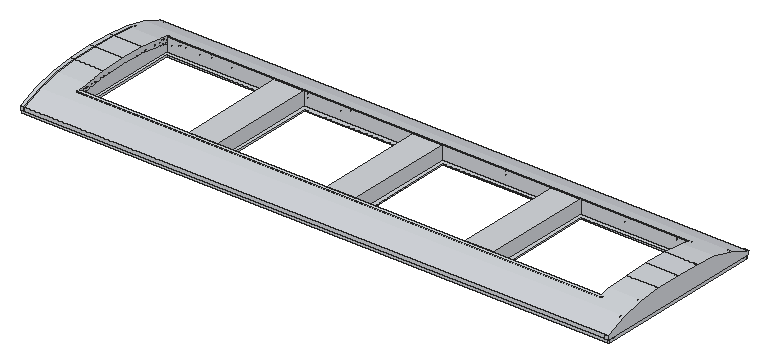
Revit family "Gira_021436", category Electrical Fixtures, host Face, Revit 2017
Family settings
  Host = Face
  Maintain Annotation Orientation = No
  Round Connector Dimension = Use Diameter
  Part Type = Normal
  Cut with Voids When Loaded = No
  Shared = No
  Room Calculation Point = No
Parameters (values of type "Abdeckrahmen 4f Zwischenr. F Alu Gira Event F Alu")
  Werkstoffgüte = "Thermoplast"
  Werkstoff = "Kunststoff"
  URL = "http://katalog.gira.de/de_DE/datenblatt.html?artikelnr=021436"
  Transparent = "No"
  Textfeld/Beschriftungsfläche = "No"
  Schutzart (IP) = "IP20"
  Region = "DE"
  Oberfläche = "sonstige"
  Name = "Abdeckrahmen 4f Zwischenr. F Alu Gira Event F Alu"
  Montagerichtung = "horizontal und vertikal"
  Mit Montagerahmen = "No"
  Mit Klappdeckel = "No"
  Manufacturer URL = "https://www.gira.de/"
  Keynote = "Event_Rahmen_4fach"
  HeinzeBIM = "https://bimportal.heinze.de/bim/abdeckrahmen-4f-zwischenr-f-alu-gira-event-f-alu/238c743965e9f8dc71f20f0fbe8d49c36b63692d"
  Halogenfrei = "Yes"
  HAN = "021436"
  Geeignet für Unterputz-Installation = "Yes"
  Geeignet für Unterflurkanaldose = "No"
  Geeignet für Geräteeinbaukanal = "No"
  Geeignet für Einbauinstallation = "No"
  GTIN = "4010337214366"
  Farbe = "aluminium"
  Default Elevation = 1219.2 mm
  Data sheet (1) = "https://katalog.gira.de/de_DE/download.html?artikelnr=021436"
  Category = "Abdeckrahmen"
  Befestigungsart = "Klemmbefestigung"
  Available = "Yes"
  Anzahl der Einheiten vertikal = "4 "
  Anzahl der Einheiten horizontal = "4 "
  Anzahl der Einheiten = "4 "
Reference planes
  plane 1 "Center (Front/Back)": y = 0
  plane 2: z = 0
  plane 3 "Center (Left/Right)": x = 0
Forms (mm)
  Extrusion 1, solid, detail levels fine
    sketch origin (0, 0, 0.05) x (0, 1, 0) y (0, 0, 1)
      loop
        arc (12.445, 9.683) -> (6.223, 9.833) -> (0, 9.85) r 291.636
        arc (0, 9.85) -> (-6.223, 9.833) -> (-12.445, 9.683) r 291.636
        arc (-12.445, 9.683) -> (-29.14, 7.482) -> (-45, 1.823) r 79.728
        line (-45, 1.823) -> (-45, -0.05) -> (-42.086, -0.05)
        arc (-42.086, -0.05) -> (-21.385, 5.559) -> (0, 7.206) r 114.424
        arc (0, 7.206) -> (21.385, 5.559) -> (42.086, -0.05) r 114.424
        line (42.086, -0.05) -> (45, -0.05) -> (45, 1.823)
        arc (45, 1.823) -> (29.14, 7.482) -> (12.445, 9.683) r 79.728
    from -151.95 to 151.935
  Extrusion 2, void, detail levels fine
    sketch origin (0, 0, 0) x (1, 0, 0) y (0, 1, 0)
      loop
        line (134.95, 28.035) -> (-134.95, 28.035) -> (-134.95, -28.035) -> (134.95, -28.035) -> (134.95, 28.035)
    from 0.724 to 11
  Extrusion 3, solid, detail levels coarse
    sketch origin (0, 0, 0) x (1, 0, 0) y (0, 1, 0)
      loop
        line (-151.95, 45) -> (-151.95, -45) -> (151.935, -45) -> (151.935, 45) -> (-151.95, 45)
    from -1.5 to 9.9
  Extrusion 4, solid, detail levels medium
    sketch origin (0, 0, 0.05) x (0, 1, 0) y (0, 0, 1)
      loop
        arc (12.445, 9.683) -> (6.223, 9.833) -> (0, 9.85) r 291.636
        arc (0, 9.85) -> (-6.223, 9.833) -> (-12.445, 9.683) r 291.636
        arc (-12.445, 9.683) -> (-29.14, 7.482) -> (-45, 1.823) r 79.728
        line (-45, 1.823) -> (-45, -0.05) -> (45, -0.05) -> (45, 1.823)
        arc (45, 1.823) -> (29.14, 7.482) -> (12.445, 9.683) r 79.728
    from -151.95 to 151.935
  Extrusion 5, solid, detail levels fine
    sketch origin (-106.95, 0, -1.5) x (0, 1, 0) y (0, 0, -1)
      loop
        line (45, -3.373) -> (45, -1.5) -> (-45, -1.5) -> (-45, -3.373)
        arc (-45, -3.373) -> (-29.14, -9.032) -> (-12.445, -11.233) r 79.728
        arc (-12.445, -11.233) -> (-6.223, -11.383) -> (0, -11.4) r 291.636
        arc (0, -11.4) -> (6.223, -11.383) -> (12.445, -11.233) r 291.636
        arc (12.445, -11.233) -> (29.14, -9.032) -> (45, -3.373) r 79.728
    from 43 to 45
  Extrusion 6, solid, detail levels fine
    sketch origin (0, 0, 0) x (1, 0, 0) y (0, 1, 0)
      loop
        line (-132.85, 25.7) -> (-132.85, -25.7) -> (-81.05, -25.7) -> (-81.05, 25.7) -> (-132.85, 25.7)
      loop
        line (-9.755, -25.7) -> (-9.755, 25.7) -> (-61.555, 25.7) -> (-61.555, -25.7) -> (-9.755, -25.7)
      loop
        line (-135.845, 28.49) -> (-135.845, -28.495)
        spline (-135.845, -28.495) -> (-135.836, -28.625) -> (-135.811, -28.754) -> (-135.769, -28.878) -> (-135.711, -28.995) -> (-135.638, -29.104) -> (-135.552, -29.202) -> (-135.454, -29.288) -> (-135.345, -29.361) -> (-135.228, -29.419) -> (-135.104, -29.461) -> (-134.975, -29.486) -> (-134.845, -29.495)
        line (-134.845, -29.495) -> (134.845, -29.495)
        spline (134.845, -29.495) -> (134.975, -29.486) -> (135.104, -29.461) -> (135.228, -29.419) -> (135.345, -29.361) -> (135.454, -29.288) -> (135.552, -29.202) -> (135.638, -29.104) -> (135.711, -28.995) -> (135.769, -28.878) -> (135.811, -28.754) -> (135.836, -28.625) -> (135.845, -28.495)
        line (135.845, -28.495) -> (135.845, 28.49)
        spline (135.845, 28.49) -> (135.836, 28.62) -> (135.811, 28.748) -> (135.769, 28.872) -> (135.711, 28.99) -> (135.638, 29.098) -> (135.552, 29.197) -> (135.454, 29.283) -> (135.345, 29.356) -> (135.228, 29.413) -> (135.104, 29.456) -> (134.975, 29.481) -> (134.845, 29.49)
        line (134.845, 29.49) -> (-134.845, 29.49)
        spline (-134.845, 29.49) -> (-134.975, 29.481) -> (-135.104, 29.456) -> (-135.228, 29.413) -> (-135.345, 29.356) -> (-135.454, 29.283) -> (-135.552, 29.197) -> (-135.638, 29.098) -> (-135.711, 28.99) -> (-135.769, 28.872) -> (-135.811, 28.748) -> (-135.836, 28.62) -> (-135.845, 28.49)
      loop
        line (61.545, -25.7) -> (61.545, 25.7) -> (9.745, 25.7) -> (9.745, -25.7) -> (61.545, -25.7)
      loop
        line (132.85, -25.7) -> (132.85, 25.7) -> (81.05, 25.7) -> (81.05, -25.7) -> (132.85, -25.7)
    from 0.1 to 7.3
  Extrusion 7, solid
    sketch origin (0, 0, 0) x (1, 0, 0) y (0, 1, 0)
      loop
        arc (-151.65, -44.218) -> (-151.504, -44.572) -> (-151.15, -44.718) r 0.5
        line (-151.15, -44.718) -> (151.15, -44.718)
        arc (151.15, -44.718) -> (151.504, -44.572) -> (151.65, -44.218) r 0.5
        line (151.65, -44.218) -> (151.65, 44.182)
        arc (151.65, 44.182) -> (151.504, 44.535) -> (151.15, 44.682) r 0.5
        line (151.15, 44.682) -> (-151.15, 44.682)
        arc (-151.15, 44.682) -> (-151.504, 44.535) -> (-151.65, 44.182) r 0.5
        line (-151.65, 44.182) -> (-151.65, -44.218)
      loop
        line (-149.95, 42.982) -> (-149.95, -43.018) -> (149.95, -43.018) -> (149.95, 42.982) -> (-149.95, 42.982)
    from -1.5 to 0.5
  Extrusion 8, solid, detail levels fine
    sketch origin (106.935, 0, -1.5) x (0, 1, 0) y (0, 0, 1)
      loop
        arc (45, 3.373) -> (29.14, 9.032) -> (12.445, 11.233) r 79.728
        arc (12.445, 11.233) -> (6.223, 11.383) -> (0, 11.4) r 291.636
        arc (0, 11.4) -> (-6.223, 11.383) -> (-12.445, 11.233) r 291.636
        arc (-12.445, 11.233) -> (-29.14, 9.032) -> (-45, 3.373) r 79.728
        line (-45, 3.373) -> (-45, 1.5) -> (45, 1.5) -> (45, 3.373)
    from 43 to 45
  Extrusion 9, solid, detail levels medium
    sketch origin (0, 0, 0) x (1, 0, 0) y (0, 1, 0)
      loop
        line (-151.65, -44.718) -> (151.65, -44.718) -> (151.65, 44.682) -> (-151.65, 44.682) -> (-151.65, -44.718)
    from -1.5 to 0.5
  Extrusion 10, solid, detail levels fine
    sketch origin (-69.857, 0, 0) x (1, 0, 0) y (0, 1, 0)
      loop
        line (-8.943, 28.063) -> (-8.943, -27.937) -> (6.057, -27.937) -> (6.057, 28.063) -> (-8.943, 28.063)
    from 0.724 to 7.566
  Extrusion 11, solid, detail levels fine
    sketch origin (-1.443, 0, 0) x (-1, 0, 0) y (0, -1, 0)
      loop
        line (-8.943, -28.063) -> (6.057, -28.063) -> (6.057, 27.937) -> (-8.943, 27.937) -> (-8.943, -28.063)
    from 0.724 to 7.566
  Extrusion 12, solid, detail levels fine
    sketch origin (69.857, 0, 0) x (-1, 0, 0) y (0, -1, 0)
      loop
        line (-8.943, -28.063) -> (6.057, -28.063) -> (6.057, 27.937) -> (-8.943, 27.937) -> (-8.943, -28.063)
    from 0.724 to 7.566
Cuts and joins
  Extrusion 2 cuts Extrusion 1
  Extrusion 2 cuts Extrusion 6
Dimensions and locks
  aligned and locked: plane 2 to host face
  aligned and locked: level to host face
